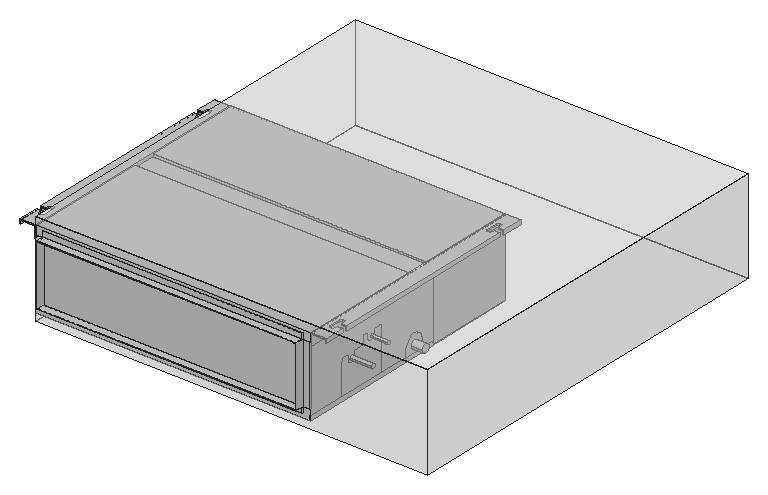
Revit family "outputfile", category 機械設備, Revit 2024
Family settings
  丸型コネクタ寸法 = 半径を使用
  パーツ タイプ = 標準
  OmniClass 番号 = 23.75.10.24.21.27.27
  OmniClass タイトル = Split System Air Conditioning Units
  作業面ベース = いいえ
  常に垂直 = はい
  ロード時にボイドで切り取り = いいえ
  注釈の向きを維持 = いいえ
  共有 = いいえ
  部屋計算ポイント = はい
Parameters (values of type "CDKS35EAVMA")
  Description = ""
  書き出し IFC クラス(タイプ) = "IfcUnitaryEquipmentType"
  定義済み IFC タイプ(タイプ) = "AIRCONDITIONINGUNIT"
  Cost = 0
  Type Comments = ""
  Keynote = ""
  Type Image = (empty or 0)
  Assembly Code = ""
  switch_frequency = yes
  ld_powersupply = Depth / 2  # 310.0 mm
  製造元 = "Daikin"
  モデル = "CDKS35EAVMA"
  r_Liquid Pipe Size = Liquid Pipe Size / 2  # 3.2 mm
  r_Gas Pipe Size = Gas Pipe Size / 2  # 4.75 mm
  r_Drain Pipe Size = Drain Pipe Size / 2  # 10.0 mm
  lw_powersupply = 50.0 mm  # constant formula
  lw_ductflange2 = 620.0 mm
  lw_Width = 660.0 mm
  lh_suctionflange [instance] = 100.0 mm  # constant formula
  ld_suctionflange [instance] = if(Rear Connection_Return Air, 190.0 mm, 100.0 mm)  # 190.0 mm
  connector_voltage = Voltage_50Hz  # 230 V
  connector_powerinput = [Power Input (Cooling)]  # 0.000 kW
  connector_phase = Phase_50Hz  # 1
  angle_vertical_RA [instance] = if(Rear Connection_Return Air, 90.00°, 0.00°)  # 90.00°
  angle horizontal_RA [instance] = if(Rear Connection_Return Air, 180.00°, 270.00°)  # 180.00°
  Voltage_comment_50Hz = "220 - 240"
  Voltage_50Hz = 230 V
  URL = ""
  Supply Air Direction [instance] = yes
  Sound Power Level_H speed (dB) = 0
  Rear Connection_Return Air [instance] = not(Bottom Connection_Return Air)  # yes
  RA_length [instance] = if(Rear Connection_Return Air, 190.0 mm, 100.0 mm)  # 190.0 mm
  Phase_50Hz = 1
  Minimum External Static Pressure = 0.00 Pa
  Minimum Circuit Amps_50Hz = 0.0 A
  Maximum Fuse Amps_50Hz = 0.0 A
  Maximum External Static Pressure = 30.00 Pa
  Material_Casing = DAIKIN_GalvanizedSteel_Casing_indoorunit
  lw_liquidpipe = 46.0 mm  # constant formula
  lw_gaspipe = 57.0 mm  # constant formula
  lw_mountinghole = 740.0 mm  # constant formula
  lw_drainpipe = 30.0 mm  # constant formula
  lh_powersupply = 150.0 mm  # constant formula
  lh_liquidpipe = 90.0 mm  # constant formula
  lh_gaspipe = 113.0 mm  # constant formula
  lh_mountinghole = Height  # 200.0 mm
  lh_drainpipe = 170.0 mm  # constant formula
  lh_antena = 1.0 mm  # constant formula
  ld_liquidpipe = 193.0 mm  # constant formula
  ld_gaspipe = 130.0 mm  # constant formula
  ld_mountinghole = 500.0 mm  # constant formula
  ld_drainpipe = 330.0 mm  # constant formula
  ld_controlbox = 626.0 mm  # constant formula
  h*** = 0.0 mm  # constant formula
  d_dischargeflange = 21.2 mm  # constant formula
  Width = 700.0 mm
  Version = "ver.1.0"
  Unit Type = "Duct (L.S.P)"
  Unit Mass Weight = 21.00 kg
  Unit Designation [instance] = ""
  Uniclass2015Version = "Products v1.30"
  Uniclass2015Title = "Split coil room air conditioning units"
  Uniclass2015Code = "Pr_70_65_03_86"
  Total Cooling Capacity [instance] = 0.000 kW
  Sound Pressure Level_M speed (dBA) = 33
  Sound Pressure Level_L speed (dBA) = 31
  Sound Pressure Level_H speed (dBA) = 35
  Series = "Multi Split_Fan Coil Unit"
  Sensible Cooling Capacity [instance] = 0.000 kW
  SA Duct Size Width = 660.0 mm
  SA Duct Size Height = 153.0 mm
  Refrigerant Type = "R410A"
  RA Duct Size Width = 580.0 mm
  RA Duct Size Height = 160.0 mm
  Power Input (Cooling) = 0.000 kW
  Option Accessory 3 [instance] = ""
  Option Accessory 2 [instance] = ""
  Option Accessory 1 [instance] = ""
  Nominal Cooling Capacity = 3.500 kW
  Minimum Airflow = 438.00 m³/h
  Median Airflow = 480.00 m³/h
  Maximum Airflow = 522.00 m³/h
  Load Classification = HVAC
  Liquid Pipe Size = 6.4 mm
  Link_Nested Family [instance] = ""
  IfcVersion = ""
  IfcExportType = "AIRCONDITIONINGUNIT"
  IfcExportAs = "IfcUnitaryEquipmentType"
  Height = 200.0 mm
  Heat Exchanger Type = "Cross Fin Coil"
  Gas Pipe Size = 9.5 mm
  Frequency_50Hz = 50 Hz
  Fan Type = "Sirocco Fan"
  Fan Drive = "Direct Drive"
  FCU Tag No. [instance] = ""
  Drain Pipe Size = 20.0 mm
  Design Supply Airflow [instance] = 0.00 m³/h
  Design Return Airflow [instance] = 0.00 m³/h
  Design External Static Pressure [instance] = 0.00 Pa
  Depth = 620.0 mm
  既定の高さ = 0.0 mm
  Cooling Entering Wet Bulb Temperature [instance] = 0.00 °C
  Cooling Entering Dry Bulb Temperature [instance] = 0.00 °C
  Cooling Ambient Wet Bulb Temperature [instance] = 0.00 °C
  Cooling Ambient Dry Bulb Temperature [instance] = 0.00 °C
  Clearance visibility [instance] = yes
  Clearance Top = 20.0 mm
  Clearance Right = 300.0 mm
  Clearance Rear = 400.0 mm
  Clearance Left = 0.0 mm
  Clearance Front = 0.0 mm
  Clearance Bottom = 20.0 mm
  Bottom Connection_Return Air [instance] = no
Reference planes
  plane 1 "Center (Front/Back)": y = 0
  plane 2: z = 0
  plane 3 "Center (Left/Right)": x = 0
  plane 4 "Back": y = 310
  plane 5 "Front": y = -310
  plane 6 "Left": x = -350
  plane 7 "Right": x = 350
  plane 8 "Top": z = 0
  plane 9 "Bottom": z = -200
  plane 10: x = -370
  plane 11: x = 370
  plane 12: y = 250
  plane 13: z = 0
  plane 14 "Clearance Left": x = -350
  plane 15 "Clearance Right": x = 650
  plane 16 "Clearance Rear": y = 710
  plane 17 "Clearance Front": y = -310
  plane 18 "Clearance Top": z = 20
  plane 19 "Clearance Bottom": z = -220
  plane 20: y = -250
  plane 21: z = -21
  plane 22: z = -97.5
  plane 23: x = -40
  plane 24: y = 120
  plane 25: z = -100
  plane 26: y = -180
  plane 27: z = -113
  plane 28: y = -117
  plane 29: z = -90
  plane 30: y = 20
  plane 31: z = -170
  plane 32: x = 407
  plane 33: x = 396
  plane 34: x = 380
  plane 35: x = 300
  plane 36: z = -150
Forms (mm)
  Extrusion 1, solid, material "DAIKIN_GalvanizedSteel_Casing_indoorunit" <- "Material_Casing"
    sketch origin (0, 0, 0) x (1, 0, 0) y (0, 1, 0)
      loop
        line (-350, -310) -> (350, -310) -> (350, 310) -> (-350, 310) -> (-350, -310)
    from -200 to 0
  Extrusion 2, void
    sketch origin (0, 0, 1) x (1, 0, 0) y (0, 1, 0)
      loop
        line (-350, 61.5) -> (-350, 3.5) -> (350, 3.5) -> (350, 61.5) -> (-350, 61.5)
    from -1 to -7
  Extrusion 3, solid, material "DAIKIN_GalvanizedSteel_Casing_indoorunit" <- "Material_Casing", visible <- "Bottom Connection_Return Air"
    sketch origin (0, 0, 0) x (1, 0, 0) y (0, 0, 1)
      loop
        line (269, -200) -> (269, -1) -> (-349, -1) -> (-349, -200) -> (269, -200)
    from -310 to -309
  Extrusion 4, solid, material "DAIKIN_GalvanizedSteel_Casing_indoorunit" <- "Material_Casing", visible <- "Rear Connection_Return Air"
    sketch origin (0, 0, 0) x (1, 0, 0) y (0, 1, 0)
      loop
        line (-349, 310) -> (-349, 111) -> (269, 111) -> (269, 310) -> (-349, 310)
    from -200 to -199
  Extrusion 5, solid, material "DAIKIN_GalvanizedSteel_Casing_indoorunit" <- "Material_Casing"
    sketch origin (350, 0, 0) x (0, 1, 0) y (0, 0, 1)
      loop
        circle (-180, -113) r 4.75
    from 0 to 57
  Extrusion 6, solid, material "DAIKIN_GalvanizedSteel_Casing_indoorunit" <- "Material_Casing"
    sketch origin (350, 0, 0) x (0, 1, 0) y (0, 0, 1)
      loop
        circle (-117, -90) r 3.2
    from 0 to 46
  Extrusion 7, solid, material "DAIKIN_GalvanizedSteel_Casing_indoorunit" <- "Material_Casing"
    sketch origin (350, 0, 0) x (0, 1, 0) y (0, 0, 1)
      loop
        circle (20, -170) r 10
    from 0 to 30
  Extrusion 8, solid, material "DAIKIN_GalvanizedSteel_Casing_indoorunit" <- "Material_Casing"
    sketch origin (350, 0, 0) x (0, 1, 0) y (0, 0, 1)
      loop
        line (-310, -200) -> (78.6, -200) -> (78.6, -193)
        arc (78.6, -193) -> (77.721, -190.879) -> (75.6, -190) r 3
        line (75.6, -190) -> (-310, -190) -> (-310, -200)
    from 0 to -1
  Extrusion 9, solid, material "DAIKIN_GalvanizedSteel_Casing_indoorunit" <- "Material_Casing"
    sketch origin (350, 0, 0) x (0, 1, 0) y (0, 0, 1)
      loop
        line (-210, -190) -> (-85.6, -190) -> (-85.6, -83)
        arc (-85.6, -83) -> (-86.479, -80.879) -> (-88.6, -80) r 3
        line (-88.6, -80) -> (-102, -80)
        arc (-102, -80) -> (-104.121, -80.879) -> (-105, -83) r 3
        line (-105, -83) -> (-105, -90)
        arc (-105, -90) -> (-117, -102) -> (-129, -90) r 12
        line (-129, -90) -> (-129, -83)
        arc (-129, -83) -> (-129.879, -80.879) -> (-132, -80) r 3
        line (-132, -80) -> (-136.1, -80)
        arc (-136.1, -80) -> (-138.221, -80.879) -> (-139.1, -83) r 3
        line (-139.1, -83) -> (-139.1, -102.7) -> (-165, -102.7)
        arc (-165, -102.7) -> (-167.121, -103.579) -> (-168, -105.7) r 3
        line (-168, -105.7) -> (-168, -113)
        arc (-168, -113) -> (-180, -125) -> (-192, -113) r 12
        line (-192, -113) -> (-192, -105.7)
        arc (-192, -105.7) -> (-192.879, -103.579) -> (-195, -102.7) r 3
        line (-195, -102.7) -> (-207, -102.7)
        arc (-207, -102.7) -> (-209.121, -103.579) -> (-210, -105.7) r 3
        line (-210, -105.7) -> (-210, -190)
    from 0 to -1
  Extrusion 10, solid, material "DAIKIN_GalvanizedSteel_Casing_indoorunit" <- "Material_Casing"
    sketch origin (350, 0, 0) x (0, 1, 0) y (0, 0, 1)
      loop
        arc (44.5, -170) -> (20, -145.5) -> (-4.5, -170) r 24.5
        line (-4.5, -170) -> (-4.5, -190) -> (44.5, -190) -> (44.5, -170)
    from 0 to -1
  Extrusion 11, solid, material "DAIKIN_GalvanizedSteel_Casing_indoorunit" <- "Material_Casing"
    sketch origin (350, 0, 0) x (0, 1, 0) y (0, 0, 1)
      loop
        arc (86.6, -22) -> (84.479, -22.879) -> (83.6, -25) r 3
        line (83.6, -25) -> (83.6, -194.5)
        arc (83.6, -194.5) -> (84.479, -196.621) -> (86.6, -197.5) r 3
        line (86.6, -197.5) -> (307, -197.5)
        arc (307, -197.5) -> (309.121, -196.621) -> (310, -194.5) r 3
        line (310, -194.5) -> (310, -25)
        arc (310, -25) -> (309.121, -22.879) -> (307, -22) r 3
        line (307, -22) -> (86.6, -22)
    from 0 to -1
Cuts and joins
  Extrusion 2 cuts Extrusion 1
Dimensions and locks
  "Height": plane 8 "Top" to plane 9 "Bottom"
  equal spacing: plane 10, plane 3 "Center (Left/Right)", plane 11
  "lw_mountinghole": plane 10 to plane 11
  equal spacing: plane 6 "Left", plane 3 "Center (Left/Right)", plane 7 "Right"
  "Width": plane 6 "Left" to plane 7 "Right"
  "Clearance Right": plane 7 "Right" to plane 15 "Clearance Right"
  "Clearance Left": plane 14 "Clearance Left" to plane 6 "Left"
  "Clearance Rear": plane 16 "Clearance Rear" to plane 4 "Back"
  "Clearance Front": plane 5 "Front" to plane 17 "Clearance Front"
  "Clearance Top": plane 18 "Clearance Top" to plane 8 "Top"
  "Clearance Bottom": plane 9 "Bottom" to plane 19 "Clearance Bottom"
  "Depth": plane 4 "Back" to plane 5 "Front"
  equal spacing: plane 4 "Back", plane 1 "Center (Front/Back)", plane 5 "Front"
  Extrusion 3 sketch curve to Extrusion 3 sketch curve = 199.0 mm
  locked: plane 20 to plane 5 "Front" at 60
  "ld_mountinghole": plane 12 to plane 20
  locked: plane 8 "Top" to plane 21 at 21
  locked: plane 23 to plane 3 "Center (Left/Right)" at 40
  "ld_suctionflange": plane 4 "Back" to plane 24
  "lh_suctionflange": plane 8 "Top" to plane 25
  "ld_gaspipe": plane 26 to plane 5 "Front"
  "lh_gaspipe": plane 8 "Top" to plane 27
  "ld_liquidpipe": plane 28 to plane 5 "Front"
  "lh_liquidpipe": plane 8 "Top" to plane 29
  "ld_drainpipe": plane 30 to plane 5 "Front"
  "lh_drainpipe": plane 8 "Top" to plane 31
  "lw_gaspipe": plane 7 "Right" to plane 32
  "lw_liquidpipe": plane 7 "Right" to plane 33
  "lw_drainpipe": plane 7 "Right" to plane 34
  "lw_powersupply": plane 35 to plane 7 "Right"
  "lh_powersupply": plane 8 "Top" to plane 36
  "r_Gas Pipe Size": radius of Extrusion 5 sketch curve
  "r_Liquid Pipe Size": radius of Extrusion 6 sketch curve
  "r_Drain Pipe Size": radius of Extrusion 7 sketch curve
  aligned and locked: level to plane 2
  aligned and locked: Extrusion 1 to plane 9 "Bottom"
  aligned and locked: plane 8 "Top" to Extrusion 1
  aligned and locked: plane 11 to nested 2
  aligned and locked: plane 10 to nested 3
  aligned and locked: plane 10 to nested 4
  aligned and locked: plane 8 "Top" to Extrusion 2
  aligned and locked: plane 9 "Bottom" to Extrusion 4  (x2)
  aligned and locked: plane 7 "Right" to cut or joined group of Extrusion 1, Extrusion 2  (x2)
  aligned and locked: plane 3 "Center (Left/Right)" to nested 9
  aligned and locked: plane 6 "Left" to nested 7
  aligned and locked: plane 8 "Top" to nested 9
  aligned and locked: plane 11 to nested 1
  aligned and locked: nested 6 to plane 1 "Center (Front/Back)"
  aligned and locked: plane 3 "Center (Left/Right)" to nested 6
  aligned and locked: level to plane 8 "Top"
  aligned and locked: plane 1 "Center (Front/Back)" to nested 9
  aligned and locked: plane 5 "Front" to nested 10
  aligned and locked: Extrusion 1 sketch curve to plane 5 "Front"
  aligned and locked: plane 21 to nested 10
  aligned and locked: nested 5 to plane 5 "Front"
  aligned and locked: plane 3 "Center (Left/Right)" to nested 5
  aligned and locked: plane 22 to nested 5
  aligned and locked: Extrusion 2 sketch curve to plane 6 "Left"
  aligned and locked: plane 7 "Right" to Extrusion 2 sketch curve
  aligned and locked: nested 11 to plane 23
  aligned and locked: nested 11 to plane 24
  aligned and locked: plane 27 to Extrusion 5 sketch curve
  aligned and locked: plane 26 to Extrusion 5 sketch curve
  aligned and locked: plane 28 to Extrusion 6 sketch curve
  aligned and locked: plane 29 to Extrusion 6 sketch curve
  aligned and locked: plane 31 to Extrusion 7 sketch curve
  aligned and locked: plane 30 to Extrusion 7 sketch curve
  aligned and locked: plane 26 to nested 12
  aligned and locked: nested 12 to plane 27
  aligned and locked: plane 32 to Extrusion 5
  aligned and locked: plane 32 to nested 12
  aligned and locked: plane 33 to Extrusion 6
  aligned and locked: plane 28 to nested 13
  aligned and locked: nested 13 to plane 29
  aligned and locked: plane 33 to nested 13
  aligned and locked: plane 34 to Extrusion 7
  aligned and locked: plane 30 to nested 14
  aligned and locked: nested 14 to plane 31
  aligned and locked: plane 34 to nested 14
  aligned and locked: Extrusion 8 sketch curve to plane 9 "Bottom"
  aligned and locked: Extrusion 8 sketch curve to plane 5 "Front"
  aligned and locked: plane 14 "Clearance Left" to nested 15
  aligned and locked: plane 15 "Clearance Right" to nested 15
  aligned and locked: plane 16 "Clearance Rear" to nested 15
  aligned and locked: nested 15 to plane 17 "Clearance Front"
  aligned and locked: nested 15 to plane 18 "Clearance Top"
  aligned and locked: nested 15 to plane 19 "Clearance Bottom"
  aligned and locked: nested 16 to plane 35
  aligned and locked: nested 16 to plane 36
  aligned and locked: plane 4 "Back" to nested 16
Automatic sketch dimensions
  Extrusion 1 sketch curve to plane 4 "Back" = 0.0 mm
  Extrusion 1 sketch curve to plane 6 "Left" = 0.0 mm
  Extrusion 1 sketch curve to plane 7 "Right" = 0.0 mm
  Extrusion 4 sketch curve to plane 4 "Back" = 0.0 mm
  plane 6 "Left" to Extrusion 3 sketch curve = 1.0 mm
  plane 6 "Left" to Extrusion 4 sketch curve = 1.0 mm
  Extrusion 4 sketch curve to plane 1 "Center (Front/Back)" = 111.0 mm
  Extrusion 3 sketch curve to plane 9 "Bottom" = 0.0 mm
  Extrusion 3 sketch curve to plane 7 "Right" = 81.0 mm
  Extrusion 4 sketch curve to plane 7 "Right" = 81.0 mm
  Extrusion 2 sketch curve to plane 1 "Center (Front/Back)" = 3.5 mm
  Extrusion 2 sketch curve to Extrusion 2 sketch curve = 58.0 mm
  plane 9 "Bottom" to Extrusion 8 sketch curve = 7.0 mm
  Extrusion 8 sketch curve to plane 24 = 44.4 mm
  Extrusion 8 sketch curve to Extrusion 8 sketch curve = 3.0 mm
  Extrusion 9 sketch curve to plane 27 = 0.0 mm
  Extrusion 9 sketch curve to plane 26 = 0.0 mm
  Extrusion 9 sketch curve to plane 29 = 0.0 mm
  Extrusion 9 sketch curve to plane 28 = 0.0 mm
  Extrusion 9 sketch curve to plane 26 = 12.0 mm
  Extrusion 9 sketch curve to plane 25 = 2.7 mm  (x2)
  Extrusion 9 sketch curve to Extrusion 9 sketch curve = 3.0 mm  (x6)
  Extrusion 9 sketch curve to Extrusion 9 sketch curve = 12.0 mm
  plane 9 "Bottom" to Extrusion 9 sketch curve = 10.0 mm
  Extrusion 9 sketch curve to plane 26 = 30.0 mm
  Extrusion 9 sketch curve to plane 28 = 22.1 mm
  Extrusion 9 sketch curve to Extrusion 9 sketch curve = 4.1 mm
  plane 29 to Extrusion 9 sketch curve = 7.0 mm  (x2)
  Extrusion 9 sketch curve to Extrusion 9 sketch curve = 13.4 mm
  Extrusion 10 sketch curve to plane 30 = 0.0 mm
  Extrusion 10 sketch curve to plane 31 = 0.0 mm
  plane 1 "Center (Front/Back)" to Extrusion 10 sketch curve = 4.5 mm
  plane 9 "Bottom" to Extrusion 10 sketch curve = 10.0 mm
  Extrusion 11 sketch curve to plane 4 "Back" = 0.0 mm
  Extrusion 11 sketch curve to Extrusion 11 sketch curve = 3.0 mm  (x3)
  Extrusion 11 sketch curve to plane 21 = 1.0 mm
  Extrusion 11 sketch curve to plane 21 = 4.0 mm
  Extrusion 11 sketch curve to plane 24 = 33.4 mm
  plane 9 "Bottom" to Extrusion 11 sketch curve = 5.5 mm
Nested families
  nested 1: "daikin_mountinghole" at (370, 250, -200), l_antenna <- "lh_antena", Link_Nested Family <- "Link_Nested Family", h_mountinghole <- "lh_mountinghole", type "daikin_mountinghole"
    with show yes, l_antenna 1.0 mm, h_mountinghole 200.0 mm, Link_Nested Family ""
  nested 2: "daikin_mountinghole" at (370, -250, -200), Link_Nested Family <- "Link_Nested Family", l_antenna <- "lh_antena", h_mountinghole <- "lh_mountinghole", type "daikin_mountinghole"
    with show yes, l_antenna 1.0 mm, h_mountinghole 200.0 mm, Link_Nested Family ""
  nested 3: "daikin_mountinghole" at (-370, -250, -200), l_antenna <- "lh_antena", Link_Nested Family <- "Link_Nested Family", h_mountinghole <- "lh_mountinghole", type "daikin_mountinghole"
    with show yes, l_antenna 1.0 mm, h_mountinghole 200.0 mm, Link_Nested Family ""
  nested 4: "daikin_mountinghole" at (-370, 250, -200), l_antenna <- "lh_antena", Link_Nested Family <- "Link_Nested Family", h_mountinghole <- "lh_mountinghole", type "daikin_mountinghole"
    with show yes, l_antenna 1.0 mm, h_mountinghole 200.0 mm, Link_Nested Family ""
  nested 5: "daikin_connector_rotate2" at (0, -310, -97.5), length <- "d_dischargeflange", type "daikin_connector_rotate2"
    with radius 10.0 mm, length 21.2 mm, angle_vertical 90.00°, show_face no
  nested 6: "daikin_△_symbolicline" at (-75, -129.904, 200) x (-0.5, 0.866, 0) z (0, 0, 1), built-in parameter 1001364 <- "Height", visible <- "Supply Air Direction", type "daikin_△_symbolicline"
    with length 300.0 mm
  nested 7: "daikin_ductflange_CDKS-EAVMA1" at (-40, 310, -100), visible <- "Rear Connection_Return Air", material <- "Material_Casing", width <- "lw_ductflange2", type "daikin_ductflange_CDKS-EAVMA1"
    with width 620.0 mm, material DAIKIN_GalvanizedSteel_Casing_indoorunit, height 180.0 mm, depth 21.2 mm
  nested 8: "daikin_ductflange_CDKS-EAVMA1" at (-40, 210, -200) x (1, 0, 0) z (0, 1, 0), visible <- "Bottom Connection_Return Air", material <- "Material_Casing", width <- "lw_ductflange2", type "daikin_ductflange_CDKS-EAVMA1"
    with width 620.0 mm, material DAIKIN_GalvanizedSteel_Casing_indoorunit, height 180.0 mm, depth 21.2 mm
  nested 9: "daikin_hangerfixture_CDKS-EAVMA" at (0, 0, 0), type "daikin_hangerfixture_CDKS-EAVMA"
  nested 10: "daikin_ductflange_CDKS-EAVMA" at (0, 3.5, -364.201), width <- "lw_Width", material <- "Material_Casing", type "daikin_ductflange_CDKS-EAVMA"
    with width 660.0 mm, material DAIKIN_GalvanizedSteel_Casing_indoorunit, height 155.0 mm, depth 21.2 mm
  nested 11: "daikin_connector_rotate3" at (-40, 120, -100), length <- "RA_length", angle_vertical <- "angle_vertical_RA", angle_horizontal <- "angle horizontal_RA", type "daikin_connector_rotate3"
    with show no, radius 10.0 mm, length 190.0 mm, angle_vertical 90.00°, angle_horizontal 180.00°
  nested 12: "daikin_connector_rotate2" at (350, -180, -113) x (0, 1, 0) z (0, 0, 1), length <- "lw_gaspipe", radius <- "r_Gas Pipe Size", type "daikin_connector_rotate2"
    with radius 4.75 mm, length 57.0 mm, angle_vertical 90.00°, show_face no
  nested 13: "daikin_connector_rotate2" at (350, -117, -90) x (0, 1, 0) z (0, 0, 1), radius <- "r_Liquid Pipe Size", length <- "lw_liquidpipe", type "daikin_connector_rotate2"
    with radius 3.2 mm, length 46.0 mm, angle_vertical 90.00°, show_face no
  nested 14: "daikin_connector_rotate2" at (350, 20, -170) x (0, 1, 0) z (0, 0, 1), radius <- "r_Drain Pipe Size", length <- "lw_drainpipe", type "daikin_connector_rotate2"
    with radius 10.0 mm, length 30.0 mm, angle_vertical 90.00°, show_face no
  nested 15: "daikin_clearancespace" at (150, 200, -99.881), visible <- "Clearance visibility", Link_Nested Family <- "Link_Nested Family", show <- "Clearance visibility", type "daikin_clearancespace"
    with width 1000.0 mm, show yes, height 240.0 mm, depth 1020.0 mm, Link_Nested Family ""
  nested 16: "daikin_connector_rotate2" at (300, 0, -150) x (-1, 0, 0) z (0, 0, 1), length <- "ld_powersupply", type "daikin_connector_rotate2"
    with radius 10.0 mm, length 310.0 mm, angle_vertical 90.00°, show_face no
Connectors
  hvac at (0, -331.2, -97.5), driven by "SA Duct Size Height", driven by "SA Duct Size Width"
    settings: on nested 5, index 1, duct flow 0.00 m³/h, flow factor 0, pres drop 0.00 Pa, loss coef 0, conn angle 0.00°, conn width 660.0 mm, conn height 153.0 mm, conn diameter 609.6 mm, duct sys type 1, conn prof type 1, flow config 0, flow direction 2, loss method 4, conn ref index -1, conn util no, is conn primary yes, conn desc "SA Duct"
  hvac at (-40, 310, -100), driven by "RA Duct Size Height", driven by "RA Duct Size Width"
    settings: on nested 11, index 2, duct flow 0.00 m³/h, flow factor 0, pres drop 0.00 Pa, loss coef 0, conn angle 0.00°, conn width 580.0 mm, conn height 160.0 mm, conn diameter 609.6 mm, duct sys type 2, conn prof type 1, flow config 0, flow direction 1, loss method 4, conn ref index -1, conn util no, is conn primary no, conn desc "RA Duct"
  piping at (407, -180, -113), diameter 9.5, driven by "r_Gas Pipe Size"
    settings: on nested 12, index 3, connector inside diameter 609.6 mm, connector length 0.0 mm, flow factor 0, pipe flow 0.00 m³/h, pressure drop 0.0 Pa, fitting loss kfactor 0, connector angle 0.00°, fixture units 0, engagement length 0.0 mm, angle of deflection 0.00°, flow configuration 1, flow direction 2, fitting loss method 0, system type 29, joint type 0, gender type 0, connector reference index -1, connector utility 0, adjustable connector no, is connector primary yes, connector description "Refrigerant Gas Piping"
  piping at (396, -117, -90), diameter 6.4, driven by "r_Liquid Pipe Size"
    settings: on nested 13, index 4, connector inside diameter 609.6 mm, connector length 0.0 mm, flow factor 0, pipe flow 0.00 m³/h, pressure drop 0.0 Pa, fitting loss kfactor 0, connector angle 0.00°, fixture units 0, engagement length 0.0 mm, angle of deflection 0.00°, flow configuration 1, flow direction 1, fitting loss method 0, system type 29, joint type 0, gender type 0, connector reference index -1, connector utility 0, adjustable connector no, is connector primary no, connector description "Refrigerant Liquid Piping"
  piping at (380, 20, -170), diameter 20, driven by "r_Drain Pipe Size"
    settings: on nested 14, index 5, connector inside diameter 609.6 mm, connector length 0.0 mm, flow factor 0, pipe flow 0.00 m³/h, pressure drop 0.0 Pa, fitting loss kfactor 0, connector angle 0.00°, fixture units 0, engagement length 0.0 mm, angle of deflection 0.00°, flow configuration 1, flow direction 2, fitting loss method 4, system type 16, joint type 0, gender type 0, connector reference index -1, connector utility 0, adjustable connector no, is connector primary no, connector description "Condensate Drain Piping"
  electrical at (300, 310, -150), driven by "Load Classification", driven by "connector_voltage", driven by "connector_powerinput", driven by "connector_phase"
    settings: on nested 16, index 6, voltage 230 V, apparent load 0 VA, apparent load phase1 0 VA, apparent load phase2 0 VA, apparent load phase3 0 VA, power factor 1, load classification "HVAC", number of poles 1, system type 30, power factor state 1, is connector primary yes, connector utility no, sub classification motor no, connector description "Power Supply"
Definition of nested family "daikin_ductflange_CDKS-EAVMA1"
  Parameters (values of type "daikin_ductflange_CDKS-EAVMA1")
    width [instance] = 620.0 mm
    material [instance] = none
    height [instance] = 180.0 mm
    depth [instance] = 21.2 mm
    Default Elevation = 0.0 mm
  Reference planes
    plane 1 "Center (Front/Back)": y = 0
    plane 2: z = 0
    plane 3 "Center (Left/Right)": x = 0
    plane 4: x = -310
    plane 5: x = 310
    plane 6: z = 90
    plane 7: z = -90
    plane 8: z = 100
    plane 9: z = -100
    plane 10: x = -309
    plane 11: x = 309
  Forms (mm)
    Extrusion 1, solid, material <- "material"
      sketch origin (0, 0, 0) x (1, 0, 0) y (0, 0, 1)
        loop
          line (-290, 80) -> (-290, -80) -> (290, -80) -> (290, 80) -> (-290, 80)
        loop
          line (-309, -99) -> (309, -99) -> (309, 99) -> (-309, 99) -> (-309, -99)
      from 0 to 1
  Dimensions and locks
    equal spacing: plane 5, plane 3 "Center (Left/Right)", plane 4, locked at 310 each
    "width": plane 5 to plane 4
    equal spacing: plane 6, level, plane 7, locked at 90 each
    "height": plane 6 to plane 7
    equal spacing: plane 8, level, plane 9, locked at 100 each
    locked: plane 8 to plane 9 at 200
    plane 10 to plane 4 = 1.0 mm
    locked: plane 5 to plane 11 at 1
    locked: Extrusion 1 sketch curve to Extrusion 1 sketch curve at 19  (x4)
    locked: plane 8 to Extrusion 1 sketch curve at 1
    locked: Extrusion 1 sketch curve to plane 9 at 1
    aligned and locked: level to plane 2
  Automatic sketch dimensions
    plane 4 to Extrusion 1 sketch curve = 1.0 mm
    Extrusion 1 sketch curve to plane 5 = 1.0 mm
Definition of nested family "daikin_hangerfixture_CDKS-EAVMA"
  Parameters (values of type "daikin_hangerfixture_CDKS-EAVMA")
    width = 700.0 mm
    material = none
    height = 30.0 mm
    depth = 618.0 mm
    Default Elevation = 0.0 mm
  Reference planes
    plane 1 "Center (Front/Back)": y = 0
    plane 2: z = 0
    plane 3 "Center (Left/Right)": x = 0
    plane 4: x = 350
    plane 5: y = 309
    plane 6: y = -309
    plane 7: x = -350
    plane 8: z = -30
  Forms (mm)
    Extrusion 1, solid, material <- "material"
      sketch origin (0, 0, 0) x (1, 0, 0) y (0, 0, 1)
        loop
          line (350, 0) -> (350, -30) -> (352.3, -30) -> (352.3, -2.3) -> (387.7, -2.3) -> (387.7, -10) -> (390, -10) -> (390, 0) -> (350, 0)
      from -309 to 309
    Extrusion 2, void
      sketch origin (0, 0, 0) x (0, 1, 0) y (0, 0, 1)
        loop
          line (309, -30) -> (309, -17.979) -> (87.935, -17.979) -> (75.914, -30) -> (309, -30)
      from 0 to 450
    Extrusion 3, void
      sketch origin (0, 0, 0) x (1, 0, 0) y (0, 1, 0)
        loop
          line (390, -243.5) -> (377, -243.5) -> (377, -237)
          arc (377, -237) -> (370, -230) -> (363, -237) r 7
          line (363, -237) -> (363, -263)
          arc (363, -263) -> (370, -270) -> (377, -263) r 7
          line (377, -263) -> (377, -256.5) -> (390, -256.5) -> (390, -243.5)
        loop
          line (390, 243.5) -> (390, 256.5) -> (377, 256.5) -> (377, 263)
          arc (377, 263) -> (370, 270) -> (363, 263) r 7
          line (363, 263) -> (363, 237)
          arc (363, 237) -> (370, 230) -> (377, 237) r 7
          line (377, 237) -> (377, 243.5) -> (390, 243.5)
      from -254.96 to 618
    Extrusion 4, solid, material <- "material"
      sketch origin (0, 0, 0) x (-1, 0, 0) y (0, 0, -1)
        loop
          line (350, 0) -> (390, 0) -> (390, 10) -> (387.7, 10) -> (387.7, 2.3) -> (352.3, 2.3) -> (352.3, 30) -> (350, 30) -> (350, 0)
      from -309 to 309
    Extrusion 5, void
      sketch origin (0, 0, 0) x (-1, 0, 0) y (0, -1, 0)
        loop
          line (390, 243.5) -> (390, 256.5) -> (377, 256.5) -> (377, 263)
          arc (377, 263) -> (370, 270) -> (363, 263) r 7
          line (363, 263) -> (363, 237)
          arc (363, 237) -> (370, 230) -> (377, 237) r 7
          line (377, 237) -> (377, 243.5) -> (390, 243.5)
        loop
          line (390, -243.5) -> (377, -243.5) -> (377, -237)
          arc (377, -237) -> (370, -230) -> (363, -237) r 7
          line (363, -237) -> (363, -263)
          arc (363, -263) -> (370, -270) -> (377, -263) r 7
          line (377, -263) -> (377, -256.5) -> (390, -256.5) -> (390, -243.5)
      from -254.96 to 618
  Cuts and joins
    Extrusion 2, Extrusion 3, Extrusion 5 cuts Extrusion 1
    Extrusion 5 cuts Extrusion 4
  Dimensions and locks
    equal spacing: plane 5, plane 1 "Center (Front/Back)", plane 6
    "depth": plane 5 to plane 6
    plane 6 to plane 1 "Center (Front/Back)" to plane 5 = 309.0 mm, 309.0 mm
    equal spacing: plane 4, plane 3 "Center (Left/Right)", plane 7
    "width": plane 4 to plane 7
    "height": level to plane 8
    aligned and locked: level to plane 2
    aligned and locked: plane 5 to Extrusion 1
    aligned and locked: Extrusion 1 to plane 6
    aligned and locked: Extrusion 1 to plane 4
    aligned and locked: plane 5 to cut or joined group of Extrusion 1, Extrusion 2, Extrusion 3, Extrusion 5
    aligned and locked: cut or joined group of Extrusion 1, Extrusion 2, Extrusion 3, Extrusion 5 to plane 6
    aligned and locked: level to cut or joined group of Extrusion 1, Extrusion 2, Extrusion 3, Extrusion 5
    aligned and locked: cut or joined group of Extrusion 1, Extrusion 2, Extrusion 3, Extrusion 5 to plane 8
    aligned and locked: plane 5 to cut or joined group of Extrusion 4, Extrusion 5
    aligned and locked: cut or joined group of Extrusion 4, Extrusion 5 to plane 6
  Automatic sketch dimensions
    Extrusion 1 sketch curve to plane 4 = 0.0 mm
    Extrusion 1 sketch curve to plane 8 = 0.0 mm
    Extrusion 1 sketch curve to level = 0.0 mm
    plane 4 to Extrusion 1 sketch curve = 2.3 mm
    Extrusion 1 sketch curve to level = 2.3 mm
    Extrusion 1 sketch curve to Extrusion 1 sketch curve = 35.4 mm
    Extrusion 1 sketch curve to Extrusion 1 sketch curve = 2.3 mm
    Extrusion 1 sketch curve to Extrusion 1 sketch curve = 7.7 mm
    Extrusion 2 sketch curve to plane 8 = 0.0 mm
    Extrusion 2 sketch curve to plane 5 = 0.0 mm
    plane 8 to Extrusion 2 sketch curve = 12.021 mm
    Extrusion 2 sketch curve to plane 1 "Center (Front/Back)" = 87.935 mm
    Extrusion 2 sketch curve to Extrusion 2 sketch curve = 12.021 mm
    plane 4 to Extrusion 3 sketch curve = 13.0 mm  (x2)
    Extrusion 3 sketch curve to Extrusion 3 sketch curve = 7.0 mm  (x4)
    Extrusion 3 sketch curve to Extrusion 3 sketch curve = 13.0 mm  (x4)
    plane 6 to Extrusion 3 sketch curve = 46.0 mm
    Extrusion 3 sketch curve to Extrusion 3 sketch curve = 6.5 mm  (x4)
    Extrusion 3 sketch curve to plane 5 = 72.0 mm
    Extrusion 4 sketch curve to plane 7 = 0.0 mm
    Extrusion 4 sketch curve to plane 8 = 0.0 mm
    Extrusion 4 sketch curve to level = 0.0 mm
    Extrusion 4 sketch curve to plane 7 = 2.3 mm
    Extrusion 4 sketch curve to level = 2.3 mm
    Extrusion 4 sketch curve to Extrusion 4 sketch curve = 35.4 mm
    Extrusion 4 sketch curve to Extrusion 4 sketch curve = 2.3 mm
    Extrusion 4 sketch curve to Extrusion 4 sketch curve = 7.7 mm
    Extrusion 5 sketch curve to plane 7 = 13.0 mm  (x2)
    Extrusion 5 sketch curve to Extrusion 5 sketch curve = 7.0 mm  (x4)
    Extrusion 5 sketch curve to Extrusion 5 sketch curve = 13.0 mm  (x4)
    Extrusion 5 sketch curve to plane 5 = 46.0 mm
    Extrusion 5 sketch curve to Extrusion 5 sketch curve = 6.5 mm  (x4)
    plane 6 to Extrusion 5 sketch curve = 72.0 mm
Definition of nested family "daikin_ductflange_CDKS-EAVMA"
  Parameters (values of type "daikin_ductflange_FXDQ-NDVET")
    width [instance] = 660.0 mm
    material [instance] = none
    height [instance] = 155.0 mm
    depth [instance] = 21.2 mm
    Default Elevation = 0.0 mm
  Reference planes
    plane 1 "Center (Front/Back)": y = 0
    plane 2: z = 189.201
    plane 3 "Center (Left/Right)": x = 0
    plane 4: y = -313.5
    plane 5: x = -330
    plane 6: x = 330
    plane 7: y = -334.7
    plane 8: z = 344.201
    plane 9: z = 266.701
    plane 10: z = 343.201
    plane 11: z = 190.201
  Forms (mm)
    Extrusion 1, solid, material <- "material"
      sketch origin (0, 0, 189.201) x (1, 0, 0) y (0, 1, 0)
        loop
          line (-330, -334.7) -> (-330, -313.5) -> (-350, -313.5) -> (-350, -314.5) -> (-331, -314.5) -> (-331, -334.7) -> (-330, -334.7)
        loop
          line (330, -334.7) -> (331, -334.7) -> (331, -314.5) -> (350, -314.5) -> (350, -313.5) -> (330, -313.5) -> (330, -334.7)
      from 1 to 154
    Extrusion 2, solid, material <- "material"
      sketch origin (0, 0, 0) x (0, 1, 0) y (0, 0, 1)
        loop
          line (-313.5, 343.201) -> (-313.5, 358.201) -> (-314.5, 358.201) -> (-314.5, 344.201) -> (-334.7, 344.201) -> (-334.7, 343.201) -> (-313.5, 343.201)
        loop
          line (-313.5, 190.201) -> (-334.7, 190.201) -> (-334.7, 189.201) -> (-314.5, 189.201) -> (-314.5, 175.201) -> (-313.5, 175.201) -> (-313.5, 190.201)
      from -330 to 330
  Dimensions and locks
    plane 4 to plane 1 "Center (Front/Back)" = 313.5 mm
    "depth": plane 7 to plane 4
    equal spacing: plane 8, plane 9, level
    "height": plane 8 to level
    equal spacing: plane 6, plane 3 "Center (Left/Right)", plane 5
    "width": plane 6 to plane 5
    locked: plane 8 to plane 10 at 1
    locked: plane 11 to level at 1
    locked: Extrusion 1 to Extrusion 2 sketch curve at 1
    locked: Extrusion 2 sketch curve to Extrusion 1 at 1
    plane 10 to plane 11 = 153.0 mm
    aligned and locked: level to plane 2
    aligned and locked: Extrusion 2 to plane 5
    aligned and locked: Extrusion 2 to plane 11
    aligned and locked: Extrusion 2 to plane 10
    aligned and locked: plane 6 to Extrusion 2
    aligned and locked: plane 5 to Extrusion 2  (x2)
    aligned and locked: plane 5 to Extrusion 1  (x2)
    aligned and locked: Extrusion 1 to plane 6
    aligned and locked: plane 6 to Extrusion 1
    aligned and locked: Extrusion 1 to plane 10
  Automatic sketch dimensions
    Extrusion 2 sketch curve to plane 7 = 0.0 mm  (x2)
    Extrusion 2 sketch curve to plane 4 = 0.0 mm  (x2)
    Extrusion 2 sketch curve to plane 11 = 0.0 mm
    Extrusion 2 sketch curve to plane 10 = 0.0 mm
    Extrusion 2 sketch curve to plane 4 = 1.0 mm  (x2)
    Extrusion 2 sketch curve to level = 14.0 mm
    plane 8 to Extrusion 2 sketch curve = 14.0 mm
    Extrusion 1 sketch curve to plane 4 = 0.0 mm  (x2)
    Extrusion 1 sketch curve to plane 7 = 0.0 mm  (x2)
    Extrusion 1 sketch curve to plane 5 = 0.0 mm
    Extrusion 1 sketch curve to plane 6 = 0.0 mm
    Extrusion 1 sketch curve to plane 5 = 1.0 mm
    Extrusion 1 sketch curve to Extrusion 1 sketch curve = 19.0 mm  (x2)
    Extrusion 1 sketch curve to Extrusion 1 sketch curve = 1.0 mm
    Extrusion 1 sketch curve to plane 4 = 1.0 mm  (x2)
Definition of nested family "daikin_clearancespace"
  Parameters (values of type "daikin_clearancespace")
    Description = "daikin_clearancespace"
    width [instance] = 1823.963 mm
    show [instance] = yes
    material = none
    height [instance] = 1359.762 mm
    depth [instance] = 880.0 mm
    Default Elevation = 0.0 mm
    Link_Nested Family [instance] = ""
  Reference planes
    plane 1 "Center (Front/Back)": y = 0
    plane 2 "Center (Elevation)": z = -0.119
    plane 3 "Center (Left/Right)": x = 0
    plane 4: y = 440
    plane 5: y = -440
    plane 6 "Right": x = 911.982
    plane 7 "Left": x = -911.982
    plane 8 "Top": z = 679.762
    plane 9 "Bottom": z = -680
  Forms (mm)
    Extrusion 1, solid, material <- "material", visible <- "show"
      sketch origin (0, 0, 0) x (1, 0, 0) y (0, 1, 0)
        loop
          line (-911.982, 440) -> (-911.982, -440) -> (911.982, -440) -> (911.982, 440) -> (-911.982, 440)
      from -680 to 679.762
  Lines and regions (mm)
    symbolic lines, visible <- "show"
      curve 1: line (911.982, 440, 0) -> (-911.982, 440, 0)
      curve 2: line (-911.982, 440, 0) -> (-911.982, -440, 0)
      curve 3: line (-911.982, -440, 0) -> (911.982, -440, 0)
      curve 4: line (911.982, -440, 0) -> (911.982, 440, 0)
      curve 5: line (911.982, 0, 679.762) -> (-911.982, 0, 679.762)
      curve 6: line (911.982, 0, -680) -> (911.982, 0, 679.762)
      curve 7: line (-911.982, 0, -680) -> (911.982, 0, -680)
      curve 8: line (-911.982, 0, 679.762) -> (-911.982, 0, -680)
      curve 9: line (0, 440, 679.762) -> (0, -440, 679.762)
      curve 10: line (0, -440, 679.762) -> (0, -440, -680)
      curve 11: line (0, 440, -680) -> (0, 440, 679.762)
      curve 12: line (0, -440, -680) -> (0, 440, -680)
  Dimensions and locks
    "width": plane 7 "Left" to plane 6 "Right"
    "depth": plane 4 to plane 5
    "height": plane 8 "Top" to plane 9 "Bottom"
    equal spacing: plane 7 "Left", plane 3 "Center (Left/Right)", plane 6 "Right"
    equal spacing: plane 4, plane 1 "Center (Front/Back)", plane 5
    equal spacing: plane 8 "Top", plane 2 "Center (Elevation)", plane 9 "Bottom"
    aligned and locked: level to plane 2 "Center (Elevation)"
    aligned and locked: Extrusion 1 sketch curve to plane 4
    aligned and locked: plane 7 "Left" to Extrusion 1 sketch curve
    aligned and locked: Extrusion 1 sketch curve to plane 5
    aligned and locked: Extrusion 1 sketch curve to plane 6 "Right"
    aligned and locked: plane 8 "Top" to Extrusion 1
    aligned and locked: curve 1 to Extrusion 1
    aligned and locked: curve 2 to Extrusion 1
    aligned and locked: curve 3 to Extrusion 1
    aligned and locked: curve 4 to Extrusion 1
    aligned and locked: curve 5 to Extrusion 1
    aligned and locked: curve 6 to Extrusion 1
    aligned and locked: curve 7 to Extrusion 1
    aligned and locked: curve 8 to Extrusion 1
    aligned and locked: curve 9 to Extrusion 1
    aligned and locked: curve 10 to Extrusion 1
    aligned and locked: curve 11 to Extrusion 1
    aligned and locked: curve 12 to Extrusion 1
    aligned and locked: Extrusion 1 to plane 9 "Bottom"
Definition of nested family "daikin_mountinghole"
  Parameters (values of type "daikin_mountinghole")
    Default Elevation = 1219.2 mm
    Type Comments = "mountinghole"
    show [instance] = yes
    material = none
    l_centerline = 100.0 mm
    l_antenna [instance] = 100.0 mm
    h_mountinghole [instance] = 0.0 mm
    d_circle = 30.0 mm
    Link_Nested Family [instance] = ""
  Reference planes
    plane 1 "Center (Front/Back)": y = 0
    plane 2: z = 0
    plane 3 "Center (Left/Right)": x = 0
    plane 4: y = 50
    plane 5: x = -50
    plane 6: x = 50
    plane 7: y = -50
    plane 8 "h_mountinghole": z = 0
    plane 9: z = 100
  Lines and regions (mm)
    model lines, detail levels fine
      curve 1: circle (0, 0, 0) r 15 normal (0, 0, 1)
      curve 2: line (-50, 0, 0) -> (50, 0, 0)
      curve 3: line (0, 50, 0) -> (0, -50, 0)
    symbolic lines, detail levels fine
      curve 4: circle (0, 0, 0) r 15 normal (0, 0, 1)
      curve 5: line (-50, 0, 0) -> (50, 0, 0)
      curve 6: line (0, 50, 0) -> (0, -50, 0)
    model lines
      curve 7: line (0, 0, 100) -> (0, 0, 0)
  Dimensions and locks
    equal spacing: plane 4, plane 1 "Center (Front/Back)", plane 7
    "l_centerline": plane 4 to plane 7
    equal spacing: plane 5, plane 3 "Center (Left/Right)", plane 6
    "l_centerline": plane 5 to plane 6
    "l_antenna": plane 9 to plane 8 "h_mountinghole"
    "h_mountinghole": plane 8 "h_mountinghole" to plane 2
    "d_circle": diameter of curve 1
    "d_circle": diameter of curve 4
    aligned and locked: level to plane 2
    aligned and locked: plane 1 "Center (Front/Back)" to curve 1
    aligned and locked: plane 3 "Center (Left/Right)" to curve 1
    aligned and locked: plane 1 "Center (Front/Back)" to curve 2
    aligned and locked: curve 3 to plane 3 "Center (Left/Right)"
    aligned and locked: plane 6 to curve 2
    aligned and locked: plane 5 to curve 2
    aligned and locked: plane 4 to curve 3
    aligned and locked: plane 7 to curve 3
    aligned and locked: plane 1 "Center (Front/Back)" to curve 4
    aligned and locked: plane 3 "Center (Left/Right)" to curve 4
    aligned and locked: plane 6 to curve 5
    aligned and locked: plane 5 to curve 5
    aligned and locked: plane 1 "Center (Front/Back)" to curve 5
    aligned and locked: plane 4 to curve 6
    aligned and locked: plane 7 to curve 6
    aligned and locked: curve 6 to plane 3 "Center (Left/Right)"
    aligned and locked: curve 7 to plane 3 "Center (Left/Right)"
    aligned and locked: plane 9 to curve 7
    aligned and locked: plane 8 "h_mountinghole" to curve 7
Definition of nested family "daikin_connector_rotate2"
  Parameters (values of type "daikin_connector_rotate2")
    show_face = yes
    radius [instance] = 10.0 mm
    length [instance] = 600.0 mm
    d_surface = 10.0 mm
    angle_vertical [instance] = 90.00°
    Default Elevation = 0.0 mm
  Reference planes
    plane 1 "Center (Front/Back)": y = 0
    plane 2: z = 0
    plane 3 "Center (Left/Right)": x = 0
  Forms (mm)
    Extrusion 1, solid, visible <- "show_face"
      sketch origin (0, -600, 0) x (1, 0, 0) y (0, 0, 1)
        loop
          circle (0, 0) r 10
      from 0 to -10
  Lines and regions (mm)
    reference lines
      curve 1: line (0, 0, 0) -> (0, -600, 0)
    symbolic lines
      curve 2: circle (0, 0, 0) r 5 normal (0, 0, 1)
    model lines, visible <- "show_face"
      curve 3: line (0, 0, 0) -> (0, -600, 0)
  Dimensions and locks
    "length": curve 1 to curve 1
    "length": curve 3 to curve 3
    "d_surface": Extrusion 1 to Extrusion 1
    "radius": radius of Extrusion 1 sketch curve
    "angle_vertical": angle curve 1 to plane 1 "Center (Front/Back)"
    "angle_vertical": angle curve 3 to plane 1 "Center (Front/Back)"
    aligned and locked: level to plane 2
    aligned and locked: plane 1 "Center (Front/Back)" to curve 1
    aligned and locked: plane 2 to curve 1
    aligned and locked: plane 1 "Center (Front/Back)" to curve 2
    aligned and locked: plane 3 "Center (Left/Right)" to curve 2
    aligned and locked: plane 1 "Center (Front/Back)" to curve 3
    aligned and locked: plane 2 to curve 3
    aligned and locked: Extrusion 1 to Extrusion 1
  Automatic sketch dimensions
    Extrusion 1 sketch curve to level = 0.0 mm
    Extrusion 1 sketch curve to plane 3 "Center (Left/Right)" = 0.0 mm
    radius of curve 2 = 5.0 mm
Definition of nested family "daikin_△_symbolicline"
  Parameters (values of type "daikin_△_symbolicline")
    length [instance] = 500.0 mm
    Default Elevation = 0.0 mm
  Reference planes
    plane 1 "Center (Front/Back)": y = 0
    plane 2: z = 0
    plane 3 "Center (Left/Right)": x = 0
  Lines and regions (mm)
    symbolic lines
      curve 1: line (0, -433.013, 0) -> (250, 0, 0)
      curve 2: line (250, 0, 0) -> (-250, 0, 0)
      curve 3: line (-250, 0, 0) -> (0, -433.013, 0)
  Dimensions and locks
    equal spacing: curve 3, plane 3 "Center (Left/Right)", curve 2
    "length": curve 3 to curve 2
    "length": curve 3 to curve 3
    "length": curve 1 to curve 1
    aligned and locked: level to plane 2
    aligned and locked: curve 2 to plane 1 "Center (Front/Back)"
    aligned and locked: plane 3 "Center (Left/Right)" to curve 3
Definition of nested family "daikin_connector_rotate3"
  Parameters (values of type "daikin_connector_rotate3")
    Default Elevation = 1219.2 mm
    show [instance] = yes
    radius [instance] = 10.0 mm
    length [instance] = 600.0 mm
    angle_horizontal [instance] = 60.00°
    angle_vertical [instance] = 90.00°
  Reference planes
    plane 1 "Center (Front/Back)": y = 0
    plane 2: z = 0
    plane 3 "Center (Left/Right)": x = 0
  Dimensions and locks
    "angle_horizontal": angle plane 3 "Center (Left/Right)" to nested 1
    aligned and locked: level to plane 2
    aligned and locked: plane 1 "Center (Front/Back)" to nested 1  (x2)
    aligned and locked: plane 3 "Center (Left/Right)" to nested 1
  Nested families
    nested 1: "daikin_connector_rotate2" at (0, 0, 0) x (0.5, 0.866, 0) z (0, 0, 1), angle_vertical <- "angle_vertical", length <- "length", radius <- "radius", type "daikin_connector_rotate2"
      with radius 10.0 mm, length 600.0 mm, angle_vertical 90.00°
  Definition of nested family "daikin_connector_rotate2"
    Parameters (values of type "daikin_connector_rotate2")
      show_face = yes
      radius [instance] = 10.0 mm
      length [instance] = 600.0 mm
      d_surface = 10.0 mm
      angle_vertical [instance] = 90.00°
      Default Elevation = 0.0 mm
    Reference planes
      plane 1 "Center (Front/Back)": y = 0
      plane 2: z = 0
      plane 3 "Center (Left/Right)": x = 0
    Forms (mm)
      Extrusion 1, solid, visible <- "show_face"
        sketch origin (0, -600, 0) x (1, 0, 0) y (0, 0, 1)
          loop
            circle (0, 0) r 10
        from 0 to -10
    Lines and regions (mm)
      reference lines
        curve 1: line (0, 0, 0) -> (0, -600, 0)
      symbolic lines
        curve 2: circle (0, 0, 0) r 5 normal (0, 0, 1)
      model lines, visible <- "show_face"
        curve 3: line (0, 0, 0) -> (0, -600, 0)
    Dimensions and locks
      "length": curve 1 to curve 1
      "length": curve 3 to curve 3
      "d_surface": Extrusion 1 to Extrusion 1
      "radius": radius of Extrusion 1 sketch curve
      "angle_vertical": angle curve 1 to plane 1 "Center (Front/Back)"
      "angle_vertical": angle curve 3 to plane 1 "Center (Front/Back)"
      aligned and locked: level to plane 2
      aligned and locked: plane 1 "Center (Front/Back)" to curve 1
      aligned and locked: plane 2 to curve 1
      aligned and locked: plane 1 "Center (Front/Back)" to curve 2
      aligned and locked: plane 3 "Center (Left/Right)" to curve 2
      aligned and locked: plane 1 "Center (Front/Back)" to curve 3
      aligned and locked: plane 2 to curve 3
      aligned and locked: Extrusion 1 to Extrusion 1
    Automatic sketch dimensions
      Extrusion 1 sketch curve to level = 0.0 mm
      Extrusion 1 sketch curve to plane 3 "Center (Left/Right)" = 0.0 mm
      radius of curve 2 = 5.0 mm
